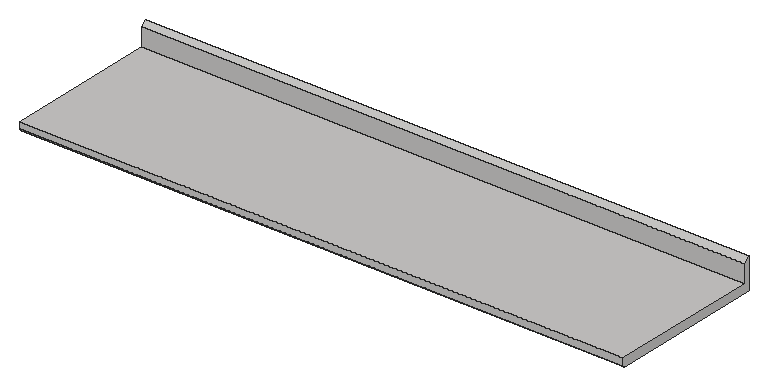
Revit family "QF_ELECTROLUXPROFESSIONAL_121165_TPLA27A", category Attrezzature speciali, Revit 2020
Family settings
  Quota connettore circolare = Usa diametro
  Tipo di parte = Normale
  Basato su piano di lavoro = No
  Sempre verticale = Sì
  Taglio con vuoti quando caricato = No
  Condiviso = No
  Punto di calcolo locali = No
Parameters (values of type "Standard")
  Weight = 86.00 kg
  Watts = 0 W
  Volts = 0 V
  URL Manufacturer = "https://www.electroluxprofessional.com/"
  URL = "https://www.electroluxprofessional.com/"
  Steam Supply Size = 0 mm
  Steam Supply Minimum Pressure = 0.0 Pa
  Steam Supply Maximum Pressure = 0.0 Pa
  Steam Consumption per Hour = 0
  Refrigeration Suction Line Size = 0.0 mm
  Refrigeration Liquid Line Size = 0.0 mm
  Refrigerant Compressor Remote = yes
  Prospetto di default = 0.0 mm
  Phase = 0
  Modello = "TPLA27A"
  Produttore = "Electrolux Professional"
  Length Actual = 2700.0 mm  # constant formula
  Item Number = "121165"
  Hot Water Size = 0 mm
  Height Actual = 140.0 mm  # constant formula
  HP = "0 HP"
  Gas Size = 0 mm
  Gas KW = 0
  Gas Input Pressure = 0 W
  Direct Waste Size = 0 mm
  Descrizione = "WORK TOP WITH UPSTAND 2700MM"
  Depth Actual = 700.0 mm  # constant formula
  Cycle = 0 Hz
  Condensate Return Size = 0 mm
  Compressed Air Volume = 0.0 L/s
  Compressed Air Size = 0 mm
  Compressed Air Pressure = 0.0 Pa
  Cold Water Size = 0 mm
  Accessory = yes
Reference planes
  plane 1 "Center (Front/Back)": y = 0
  plane 2: z = 0
  plane 3 "Center (Left/Right)": x = -850
  plane 4 "LEFT": x = -2200
  plane 5 "RIGHT": x = 500
  plane 6 "BACK": y = 350
  plane 7 "FRONT": y = -350
  plane 8 "TOP": z = 1000
  plane 9: z = 900
  plane 10: z = 860
Forms (mm)
  Extrusion 1, solid, material "QF_Finishes_Stainless Steel"
    sketch origin (-850, 0, 0) x (0, 1, 0) y (0, 0, 1)
      loop
        line (350, 1000) -> (330, 980) -> (330, 900) -> (-350, 900) -> (-350, 870) -> (-340, 860) -> (350, 860) -> (350, 1000)
    from 1350 to -1350
Lines and regions (mm)
  symbolic lines
    curve 1: line (500, 350, 1000) -> (-2200, 350, 1000)
    curve 2: line (-2200, 350, 1000) -> (-2200, -350, 1000)
    curve 3: line (-2200, -350, 1000) -> (500, -350, 1000)
    curve 4: line (500, -350, 1000) -> (500, 350, 1000)
    curve 5: line (-2200, 330, 1000) -> (500, 330, 1000)
Dimensions and locks
  plane 4 "LEFT" to plane 5 "RIGHT" = 2700.0 mm
  equal spacing: plane 4 "LEFT", plane 3 "Center (Left/Right)", plane 5 "RIGHT"
  plane 6 "BACK" to plane 7 "FRONT" = 700.0 mm
  equal spacing: plane 6 "BACK", plane 1 "Center (Front/Back)", plane 7 "FRONT"
  locked: plane 8 "TOP" to plane 9 at 100
  locked: plane 6 "BACK" to Extrusion 1 sketch curve at 20
  plane 10 to level = 860.0 mm
  plane 8 "TOP" to plane 10 = 140.0 mm
  aligned and locked: level to plane 2
  aligned and locked: Extrusion 1 to plane 4 "LEFT"
  aligned and locked: plane 5 "RIGHT" to Extrusion 1
  aligned and locked: curve 2 to plane 4 "LEFT"
  aligned and locked: Extrusion 1 sketch curve to plane 9
  aligned and locked: Extrusion 1 sketch curve to plane 6 "BACK"
  aligned and locked: plane 7 "FRONT" to Extrusion 1 sketch curve
  aligned and locked: plane 10 to Extrusion 1 sketch curve
Automatic sketch dimensions
  curve 3 to plane 7 "FRONT" = 0.0 mm
  curve 4 to plane 5 "RIGHT" = 0.0 mm
  curve 4 to plane 6 "BACK" = 0.0 mm
  curve 5 to plane 6 "BACK" = 20.0 mm
  Extrusion 1 sketch curve to plane 8 "TOP" = 0.0 mm
  Extrusion 1 sketch curve to plane 8 "TOP" = 20.0 mm
  plane 7 "FRONT" to Extrusion 1 sketch curve = 10.0 mm
  level to Extrusion 1 sketch curve = 870.0 mm
